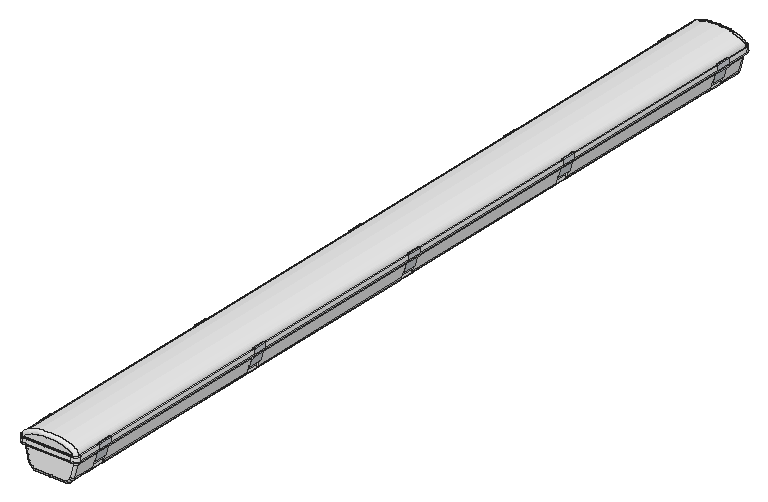
Revit family "0048751 Feilo Sylvania Lighting Fixture SYLPRF SUP LED G3 1500MM T 4K QC MW", category Lighting Fixtures, host Face, Revit 2016
Family settings
  Host = Face
  Part Type = Normal
  Round Connector Dimension = Use Diameter
  OmniClass Number = 23.80.70.11.14
  OmniClass Title = General Luminaries, Directional
  Cut with Voids When Loaded = No
  Light Source = Yes
  Shared = No
  Room Calculation Point = No
Parameters (values of type "0048751 SYLPRF SUP LED G3 1500MM T 4K QC MW")
  Width = 110 mm
  Weight = "2.46 kg"
  Wattage Comments = "n/a"
  Wattage = 47 W
  WarrantyStartDate [instance] = "n/a"
  WarrantyGuarantorParts = "n/a"
  WarrantyDurationUnit = "n/a"
  WarrantyDurationParts = "n/a"
  WarrantyDescription = "n/a"
  built-in parameter 1150110 = 1 (stored number, unit not read)
  Voltage = 230 V
  URL = "http://www.sylvania-lighting.com"
  TypeName = "SYLPRF SUP LED G3 1500MM T 4K QC MW"
  Type Image = <None>
  Type Comments = "n/a"
  built-in parameter 1114217 = 1 (stored number, unit not read)
  Tilt Angle = -90.00°
  built-in parameter 1150109 = 1 (stored number, unit not read)
  built-in parameter 1150134 = 12
  built-in parameter 1150113 = 1 (stored number, unit not read)
  SerialNumber [instance] = "n/a"
  ReflectorMaterial = none
  PowerFactor = 0
  PowerConsumption = "47 W"
  Photometric Web File = "0048751.ies"
  NominalWidth = 0 mm
  NominalLength = 1578 mm
  NominalHeight = 78 mm
  Name = "SYLPRF SUP LED G3 1500MM T 4K QC MW"
  ModelReference = "SYLPRF SUP LED G3 1500MM T 4K QC MW"
  ModelNumber = "0048751"
  Model = "SYLPRF SUP LED G3 1500MM T 4K QC MW"
  Material = "polycarbonate housing, polycarbonate diffuser"
  ManufacturerName = "Feilo Sylvania"
  Manufacturer = "Feilo Sylvania"
  LuminousEfficacy = "145 lm/W"
  built-in parameter 1150105 = 542.32 (stored number, unit not read)
  Lumens = 6815 lm
  LuminaireType = ""
  built-in parameter 1150115 = 1 (stored number, unit not read)
  LightOutputRatio = "n/a"
  built-in parameter 1150137 = (empty or 0)
  built-in parameter 1150139 = (empty or 0)
  Length = 1572 mm
  LampsType = Lamp  # "LED"
  LampNominalLuminous = "6800 lm"
  LampMacAdamStep = "3"
  LampColourTemperature = "4000 K"
  LampColourRenderingIndex = "80"
  built-in parameter 1150112 = 1 (stored number, unit not read)
  built-in parameter 1150114 = 1 (stored number, unit not read)
  Lamp = "LED"
  Keynote = "16500"
  InstallationDate [instance] = "n/a"
  InputVoltage = "220-240V~"
  InputNominalFrequency = "50/60 Hz"
  built-in parameter 1150132 = (empty or 0)
  built-in parameter 1150102 = (empty or 0)
  built-in parameter 1150107 = 4000 (stored number, unit not read)
  built-in parameter 1150138 = (empty or 0)
  IngressProtection = "IP65"
  ImpactProtectionIndex = "IK08"
  built-in parameter 1150106 = 5.4232 (stored number, unit not read)
  IfcExportType = "IfcLightFixtureType"
  IfcExportAs = "IfcLightFixtureType"
  ExpectedLife = 50000
  Emit from Rectangle Width = Width - 20 mm  # 90 mm
  Emit from Rectangle Length = Length - 20 mm  # 1552 mm
  Emit Shape Visible in Rendering = no
  ElectricShockClassification = "Class I"
  built-in parameter 1150104 = 13.471 (stored number, unit not read)
  DurationUnit = "hours"
  DocumentationLiterature = "http://www.sylvania-lighting.com/product/en-int/products/0048751"
  DimmingControlOptions = "Non dimmable"
  Dimming Lamp Color Temperature Shift = <None>
  DiffuserMaterial = Diffuser-Sylvania-Transparent
  Description = "Sylproof Superia, integrated LED weatherproof luminaire with quick connector, with UV stabilized flat diffuser and linear prisms designed to achieve uniform lit appearance, optimise light output and to reduce glare, stainless steel diffuser clips and fixing brackets for surface and wall mounting. L 1578 mm x W 110 mm x H 78 mm size, Polycarbonate housing, Polycarbonate diffuser, Non dimmable,   4000K, CRI80,  6800 lm, 47 W, 145 lm/W, nominal average life (h):50000, energy class: A++ A+ A Class I,IK08, IP65."
  Default Elevation = 1219.2 mm
  CreatedOn = "3/27/2018"
  CreatedBy = "aron.fodor@feilosylvania.com"
  Cost = 0
  Color Filter = 16777215
  built-in parameter 1114216 [instance] = (empty or 0)
  ClassificationValue = "EF_70_80"
  ClassificationName = "Uniclass2015"
  BodyMaterial = Body-Sylvania-Gray
  BarCode [instance] = "n/a"
  built-in parameter 1114218 = 1 (stored number, unit not read)
  built-in parameter 1150133 = 10 (stored number, unit not read)
  AssetType = "Fixed"
  AssetIdentifier [instance] = "n/a"
  Assembly Code = "D5020200"
  Apparent Load = 47 VA
  AccessoryMaterial = Diffuser-Sylvania-Glow
Reference planes
  plane 1 "Center (Front/Back)": y = 0
  plane 2: z = 0
  plane 3 "Center (Left/Right)": x = 0
  plane 4: z = 54
  plane 5: x = -27.7
  plane 6: x = -34.8
  plane 7: x = -39.6
  plane 8: x = -42.2
  plane 9: z = 3
  plane 10: z = 7.8
  plane 11: z = 12.3
  plane 12: z = 36.6
  plane 13: z = 42.8
  plane 14: x = -51.1
  plane 15: z = 46.2
  plane 16: x = -55
  plane 17: y = 786
  plane 18: y = -786
  plane 19: x = 27.7
  plane 20: x = 34.8
  plane 21: x = 39.6
  plane 22: x = 42.2
  plane 23: x = 51.1
  plane 24: x = 55
  plane 25: y = 778.4
  plane 26: y = -778.4
  plane 27: y = -774.7
  plane 28: y = 774.7
  plane 29: z = 74
  plane 30: x = -51.5
  plane 31: x = 51.5
  plane 32: z = 55.2
  plane 33: y = -782.5
  plane 34: y = 782.5
  plane 35: x = -37.5
  plane 36: x = 37.5
  plane 37: x = -48.7
  plane 38: x = 48.7
  plane 39: x = 18
  plane 40: x = -18
  plane 41: z = 50.2
  plane 42: z = 24.6
  plane 43: y = 720
  plane 44: y = 706
  plane 45: y = 734
  plane 46: y = -720
  plane 47: y = 720
  plane 48: y = 706
  plane 49: y = 734
  plane 50: y = -720
  plane 51: y = -734
  plane 52: y = -706
  plane 53: y = 360
  plane 54: y = 346
  plane 55: y = 374
  plane 56: y = 0
  plane 57: y = -14
  plane 58: y = 14
  plane 59: y = -360
  plane 60: y = -374
  plane 61: y = -346
Forms (mm)
  Sweep 1, solid, material "Body-Sylvania-Gray" <- "BodyMaterial", detail levels medium+fine
    path origin (1223.4, -4572, 54) x (0, -1, 0) y (1, 0, 0)
      loop
        arc (-3796, -1278.4) -> (-3788.929, -1275.471) -> (-3786, -1268.4) r 10
        line (-3786, -1268.4) -> (-3786, -1178.4)
        arc (-3786, -1178.4) -> (-3788.929, -1171.329) -> (-3796, -1168.4) r 10
        line (-3796, -1168.4) -> (-5348, -1168.4)
        arc (-5348, -1168.4) -> (-5355.071, -1171.329) -> (-5358, -1178.4) r 10
        line (-5358, -1178.4) -> (-5358, -1268.4)
        arc (-5358, -1268.4) -> (-5355.071, -1275.471) -> (-5348, -1278.4) r 10
        line (-5348, -1278.4) -> (-3796, -1278.4)
    profile origin (-55, 0, 54) x (-1, 0, 0) y (0, 0, 1)
      loop
        line (0, 0) -> (-1, 0) -> (-1, -7.726)
        arc (-1, -7.726) -> (-1.994, -9.498) -> (-3.9, -10.2) r 2.937
        line (-3.9, -10.2) -> (-8.571, -10.2) -> (-8.571, -11.2) -> (-3.9, -11.2)
        arc (-3.9, -11.2) -> (-1.313, -10.231) -> (0, -7.8) r 3.937
        line (0, -7.8) -> (0, 0)
  Sweep 2, solid, material "Body-Sylvania-Gray" <- "BodyMaterial", detail levels medium+fine
    path origin (0, 0, 0) x (1, 0, 0) y (0, 0, 1)
      loop
        line (48.7, 42.8) -> (48.7, 36.6) -> (42.203, 12.31)
        arc (42.203, 12.31) -> (41.199, 9.884) -> (39.6, 7.8) r 10.052
        line (39.6, 7.8) -> (34.8, 3)
        arc (34.8, 3) -> (31.554, 0.781) -> (27.7, 0) r 9.902
        line (27.7, 0) -> (0, 0) -> (-27.7, 0)
        arc (-27.7, 0) -> (-31.554, 0.781) -> (-34.8, 3) r 9.902
        line (-34.8, 3) -> (-39.6, 7.8)
        arc (-39.6, 7.8) -> (-41.199, 9.884) -> (-42.203, 12.31) r 10.052
        line (-42.203, 12.31) -> (-48.7, 36.6) -> (-48.7, 42.8)
    profile origin (0, 0, 0) x (0, 0, -1) y (0, -1, 0)
      loop
        arc (0, 773.4) -> (-1.464, 776.936) -> (-5, 778.4) r 5
        line (-5, 778.4) -> (-7.8, 778.4) -> (-7.8, -778.4) -> (-5, -778.4)
        arc (-5, -778.4) -> (-1.464, -776.936) -> (0, -773.4) r 5
        line (0, -773.4) -> (0, 773.4)
  Extrusion 3, solid, material "Body-Sylvania-Gray" <- "BodyMaterial", detail levels medium+fine
    sketch origin (1524, 778.4, 1219.2) x (1, 0, 0) y (0, 0, 1)
      loop
        arc (-1558.668, -1204.874) -> (-1558.443, -1205.418) -> (-1558.085, -1205.885) r 2.252
        line (-1558.085, -1205.885) -> (-1553.231, -1210.738)
        arc (-1553.231, -1210.738) -> (-1552.534, -1211.227) -> (-1551.7, -1211.4) r 2.102
        line (-1551.7, -1211.4) -> (-1496.3, -1211.4)
        arc (-1496.3, -1211.4) -> (-1495.466, -1211.227) -> (-1494.769, -1210.738) r 2.102
        line (-1494.769, -1210.738) -> (-1489.915, -1205.885)
        arc (-1489.915, -1205.885) -> (-1489.557, -1205.418) -> (-1489.332, -1204.874) r 2.252
        line (-1489.332, -1204.874) -> (-1483.1, -1181.575) -> (-1483.1, -1176.4) -> (-1564.9, -1176.4) -> (-1564.9, -1181.575) -> (-1558.668, -1204.874)
    from 0 to 1556.8
  Sweep 4, solid, material "Diffuser-Sylvania-Transparent" <- "DiffuserMaterial", detail levels medium+fine
    path origin (0, 0, 0) x (1, 0, 0) y (0, 0, 1)
      loop
        spline (-51.5, 55.2) -> (-49.745, 60.066) -> (-44.6, 64.6) -> (-36.416, 68.494) -> (-25.75, 71.481) -> (-13.329, 73.359) -> (0, 74) -> (13.329, 73.359) -> (25.75, 71.481) -> (36.416, 68.494) -> (44.6, 64.6) -> (49.745, 60.066) -> (51.5, 55.2)
    profile origin (51.5, 0, 55.2) x (0, -1, 0) y (1, 0, 0)
      loop
        arc (782.5, -5.5) -> (780.889, -1.611) -> (777, 0) r 5.5
        line (777, 0) -> (-777, 0)
        arc (-777, 0) -> (-780.889, -1.611) -> (-782.5, -5.5) r 5.5
        line (-782.5, -5.5) -> (-782.5, -6.3) -> (-781.5, -6.3) -> (-781.5, -5.5)
        arc (-781.5, -5.5) -> (-780.182, -2.318) -> (-777, -1) r 4.5
        line (-777, -1) -> (777, -1)
        arc (777, -1) -> (780.182, -2.318) -> (781.5, -5.5) r 4.5
        line (781.5, -5.5) -> (781.5, -6.347) -> (782.5, -6.347) -> (782.5, -5.5)
  Extrusion 5, solid, material "Diffuser-Sylvania-Transparent" <- "DiffuserMaterial", detail levels medium+fine
    sketch origin (1524, -782.5, 1219.2) x (1, 0, 0) y (0, 0, 1)
      loop
        line (-1569.653, -1164) -> (-1478.347, -1164)
        spline (-1478.347, -1164) -> (-1478.969, -1162.594) -> (-1482.527, -1159.545) -> (-1489.588, -1156.201) -> (-1499.458, -1153.445) -> (-1511.242, -1151.663) -> (-1524, -1151.049) -> (-1536.758, -1151.663) -> (-1548.542, -1153.445) -> (-1558.412, -1156.201) -> (-1565.473, -1159.545) -> (-1569.031, -1162.594) -> (-1569.653, -1164)
    from 0 to -1
  Extrusion 6, solid, material "Diffuser-Sylvania-Transparent" <- "DiffuserMaterial", detail levels medium+fine
    sketch origin (1524, 782.5, 1219.2) x (1, 0, 0) y (0, 0, 1)
      loop
        spline (-1478.3, -1164) -> (-1478.931, -1162.565) -> (-1482.502, -1159.505) -> (-1489.572, -1156.155) -> (-1499.446, -1153.394) -> (-1511.236, -1151.614) -> (-1524, -1151.007) -> (-1536.764, -1151.614) -> (-1548.554, -1153.394) -> (-1558.428, -1156.155) -> (-1565.498, -1159.505) -> (-1569.069, -1162.565) -> (-1569.7, -1164)
        line (-1569.7, -1164) -> (-1478.3, -1164)
    from 0 to 1
  Extrusion 7, solid, material "Diffuser-Sylvania-Transparent" <- "DiffuserMaterial", detail levels medium+fine
    sketch origin (1223.4, -4572, 55.2) x (0, -1, 0) y (-1, 0, 0)
      loop
        arc (-5353.5, 1177.4) -> (-5352.182, 1174.218) -> (-5349, 1172.9) r 4.5
        line (-5349, 1172.9) -> (-3795, 1172.9)
        arc (-3795, 1172.9) -> (-3791.818, 1174.218) -> (-3790.5, 1177.4) r 4.5
        line (-3790.5, 1177.4) -> (-3790.5, 1269.4)
        arc (-3790.5, 1269.4) -> (-3791.818, 1272.582) -> (-3795, 1273.9) r 4.5
        line (-3795, 1273.9) -> (-5349, 1273.9)
        arc (-5349, 1273.9) -> (-5352.182, 1272.582) -> (-5353.5, 1269.4) r 4.5
        line (-5353.5, 1269.4) -> (-5353.5, 1177.4)
      loop
        line (-5358, 1268.4) -> (-5358, 1178.4)
        arc (-5358, 1178.4) -> (-5355.071, 1171.329) -> (-5348, 1168.4) r 10
        line (-5348, 1168.4) -> (-3796, 1168.4)
        arc (-3796, 1168.4) -> (-3788.929, 1171.329) -> (-3786, 1178.4) r 10
        line (-3786, 1178.4) -> (-3786, 1268.4)
        arc (-3786, 1268.4) -> (-3788.929, 1275.471) -> (-3796, 1278.4) r 10
        line (-3796, 1278.4) -> (-5348, 1278.4)
        arc (-5348, 1278.4) -> (-5355.071, 1275.471) -> (-5358, 1268.4) r 10
    from 0 to 1.2
  Extrusion 8, solid, material "Diffuser-Sylvania-Glow" <- "AccessoryMaterial", detail levels fine
    sketch origin (0, 0, 0) x (1, 0, 0) y (0, 0, 1)
      loop
        circle (-18, 50.2) r 8
      loop
        circle (18, 50.2) r 8
    from -774.7 to 774.7
  Extrusion 9, void
    sketch origin (0, 720, 2343.807) x (0, 0, -1) y (-1, 0, 0)
      loop
        line (2340.807, -37.5) -> (2331.507, -37.5) -> (2319.207, -42.2) -> (2319.207, -48.7) -> (2340.807, -48.7) -> (2340.807, -37.5)
      loop
        line (2340.807, 37.5) -> (2340.807, 48.7) -> (2319.207, 48.7) -> (2319.207, 42.2) -> (2331.507, 37.5) -> (2340.807, 37.5)
    from -14 to 14
  Extrusion 10, solid, material "Body-Sylvania-Gray" <- "BodyMaterial", detail levels coarse
    sketch origin (0, 0, 0) x (1, 0, 0) y (0, 0, 1)
      loop
        line (55, 42.8) -> (55, 55.2) -> (-55, 55.2) -> (-55, 42.791) -> (-42.2, 0) -> (42.2, 0) -> (55, 42.8)
    from -786 to 786
  Extrusion 11, solid, material "Diffuser-Sylvania-Transparent" <- "DiffuserMaterial", detail levels coarse
    sketch origin (0, 0, 0) x (1, 0, 0) y (0, 0, 1)
      loop
        arc (51.5, 55.2) -> (0, 74) -> (-51.5, 55.2) r 79.939
        line (-51.5, 55.2) -> (51.5, 55.2)
    from 778.4 to -778.4
  Extrusion 12, void, not visible
    sketch origin (0, 720, 2343.807) x (0, 0, -1) y (-1, 0, 0)
      loop
        line (2340.807, -37.5) -> (2331.507, -37.5) -> (2319.207, -42.2) -> (2319.207, -48.7) -> (2340.807, -48.7) -> (2340.807, -37.5)
      loop
        line (2340.807, 37.5) -> (2340.807, 48.7) -> (2319.207, 48.7) -> (2319.207, 42.2) -> (2331.507, 37.5) -> (2340.807, 37.5)
    from -14 to 14
  Extrusion 13, void
    sketch origin (0, -720, 2343.807) x (0, 0, -1) y (-1, 0, 0)
      loop
        line (2340.807, -37.5) -> (2331.507, -37.5) -> (2319.207, -42.2) -> (2319.207, -48.7) -> (2340.807, -48.7) -> (2340.807, -37.5)
      loop
        line (2340.807, 37.5) -> (2340.807, 48.7) -> (2319.207, 48.7) -> (2319.207, 42.2) -> (2331.507, 37.5) -> (2340.807, 37.5)
    from -14 to 14
  Extrusion 14, void
    sketch origin (0, 360, 2343.807) x (0, 0, -1) y (-1, 0, 0)
      loop
        line (2340.807, -37.5) -> (2331.507, -37.5) -> (2319.207, -42.2) -> (2319.207, -48.7) -> (2340.807, -48.7) -> (2340.807, -37.5)
      loop
        line (2340.807, 37.5) -> (2340.807, 48.7) -> (2319.207, 48.7) -> (2319.207, 42.2) -> (2331.507, 37.5) -> (2340.807, 37.5)
    from -14 to 14
  Extrusion 15, void
    sketch origin (0, 0, 2343.807) x (0, 0, -1) y (-1, 0, 0)
      loop
        line (2340.807, -37.5) -> (2331.507, -37.5) -> (2319.207, -42.2) -> (2319.207, -48.7) -> (2340.807, -48.7) -> (2340.807, -37.5)
      loop
        line (2340.807, 37.5) -> (2340.807, 48.7) -> (2319.207, 48.7) -> (2319.207, 42.2) -> (2331.507, 37.5) -> (2340.807, 37.5)
    from -14 to 14
  Extrusion 16, void
    sketch origin (0, -360, 2343.807) x (0, 0, -1) y (-1, 0, 0)
      loop
        line (2340.807, -37.5) -> (2331.507, -37.5) -> (2319.207, -42.2) -> (2319.207, -48.7) -> (2340.807, -48.7) -> (2340.807, -37.5)
      loop
        line (2340.807, 37.5) -> (2340.807, 48.7) -> (2319.207, 48.7) -> (2319.207, 42.2) -> (2331.507, 37.5) -> (2340.807, 37.5)
    from -14 to 14
Cuts and joins
  Extrusion 9, Extrusion 13, Extrusion 14, Extrusion 15, Extrusion 16 cuts Sweep 2
  Extrusion 13, Extrusion 14, Extrusion 15, Extrusion 16 cuts Extrusion 3
  joined: Sweep 2, Extrusion 3
  joined: Sweep 4, Extrusion 5, Extrusion 6
Dimensions and locks
  locked: plane 4 to plane 2 at 54
  plane 5 to plane 6 to plane 7 to plane 8 to plane 14 to plane 16 = 7.1 mm locked, 4.8 mm locked, 2.6 mm locked, 8.9 mm, 3.9 mm
  plane 4 to plane 15 to plane 13 to plane 12 to plane 11 to plane 10 to plane 9 = 7.8 mm locked, 3.4 mm, 6.2 mm locked, 24.3 mm locked, 4.5 mm locked, 4.8 mm locked
  equal spacing: plane 18, plane 1 "Center (Front/Back)", plane 17
  "Length": plane 18 to plane 17
  plane 19 to plane 20 to plane 21 to plane 22 to plane 23 to plane 24 = 7.1 mm locked, 4.8 mm locked, 2.6 mm locked, 8.9 mm, 3.9 mm
  equal spacing: plane 24, plane 3 "Center (Left/Right)", plane 16
  "Width": plane 24 to plane 16
  equal spacing: plane 27, plane 1 "Center (Front/Back)", plane 28
  locked: plane 26 to plane 27 at 3.7
  locked: Sweep 1 sketch curve to profile plane at 1
  locked: Sweep 1 sketch curve to plane 13 at 1
  locked: Sweep 1 sketch curve to plane 13 at 3.937  (x2)
  locked: Sweep 1 sketch curve to profile plane at 3.9  (x2)
  locked: plane 29 to plane 4 at 20
  equal spacing: plane 31, plane 3 "Center (Left/Right)", plane 30
  locked: plane 30 to plane 16 at 3.5
  locked: plane 32 to plane 4 at 1.2
  equal spacing: plane 33, plane 1 "Center (Front/Back)", plane 34
  equal spacing: plane 36, plane 3 "Center (Left/Right)", plane 35
  locked: plane 3 "Center (Left/Right)" to plane 35 at 37.5
  locked: plane 34 to plane 17 at 3.5
  equal spacing: plane 38, plane 3 "Center (Left/Right)", plane 37
  locked: plane 37 to plane 16 at 6.3
  equal spacing: plane 25, plane 1 "Center (Front/Back)", plane 26
  locked: plane 17 to plane 25 at 7.6
  locked: Sweep 2 sketch curve to plane 2 at 5  (x2)
  locked: Sweep 2 sketch curve to plane 26 at 5
  locked: plane 25 to Sweep 2 sketch curve at 5
  locked: Sweep 4 sketch curve to plane 31 at 5.5  (x2)
  locked: Sweep 4 sketch curve to plane 34 at 5.5
  plane 33 to Sweep 4 sketch curve = 5.5 mm
  locked: plane 34 to Sweep 4 sketch curve at 1
  locked: Sweep 4 sketch curve to plane 31 at 1
  locked: Sweep 4 sketch curve to Sweep 4 sketch curve at 1
  locked: Sweep 4 sketch curve to plane 31 at 6.347
  locked: Sweep 4 sketch curve to plane 31 at 6.3
  equal spacing: plane 39, plane 3 "Center (Left/Right)", plane 40
  locked: plane 3 "Center (Left/Right)" to plane 40 at 18
  locked: plane 42 to plane 2 at 24.6
  plane 45 to plane 43 to plane 44 = 14 mm locked, 14 mm locked
  locked: plane 17 to plane 43 at 66
  equal spacing: plane 43, plane 1 "Center (Front/Back)", plane 46
  plane 49 to plane 47 to plane 48 = 14 mm locked, 14 mm locked
  plane 52 to plane 50 to plane 51 = 14 mm locked, 14 mm locked  (x2)
  equal spacing: group 1, group 6, group 7, group 8, group 5  (x2)
  equal spacing: group 5, group 8, group 7, group 6, group 1
  plane 55 to plane 53 to plane 54 = 14 mm locked, 14 mm locked  (x2)
  plane 58 to plane 56 to plane 57 = 14 mm locked, 14 mm locked  (x2)
  plane 61 to plane 59 to plane 60 = 14 mm locked, 14 mm locked  (x2)
  plane 43 to plane 53 to plane 1 "Center (Front/Back)" to plane 59 to plane 50 = 360 mm locked, 360 mm locked, 360 mm locked, 360 mm locked
  aligned and locked: plane 2 to host face
  aligned and locked: level to host face
  aligned and locked: plane 16 to Sweep 1 sketch curve
  aligned and locked: Sweep 1 sketch curve to plane 24
  aligned and locked: plane 18 to Sweep 1 sketch curve
  aligned and locked: Sweep 1 sketch curve to plane 13
  aligned and locked: profile plane to Sweep 1 sketch curve
  aligned and locked: plane 3 "Center (Left/Right)" to Sweep 2 sketch curve
  aligned and locked: plane 9 to Sweep 2 sketch curve
  aligned and locked: plane 10 to Sweep 2 sketch curve
  aligned and locked: plane 37 to Sweep 2 sketch curve
  aligned and locked: plane 12 to Sweep 2 sketch curve
  aligned and locked: Sweep 2 sketch curve to level
  aligned and locked: plane 21 to Sweep 2 sketch curve
  aligned and locked: plane 38 to Sweep 2 sketch curve
  aligned and locked: profile plane to Sweep 2 sketch curve
  aligned and locked: plane 25 to Sweep 2 sketch curve
  aligned and locked: Sweep 2 sketch curve to plane 10
  aligned and locked: Extrusion 3 sketch curve to Sweep 2  (x7)
  aligned and locked: Sweep 2 to Extrusion 3 sketch curve
  aligned and locked: Extrusion 3 to plane 25
  aligned and locked: plane 26 to Extrusion 3
  aligned and locked: plane 32 to Sweep 4 sketch curve
  aligned and locked: plane 33 to Sweep 4 sketch curve
  aligned and locked: Sweep 4 to Extrusion 5
  aligned and locked: plane 33 to Extrusion 5
  aligned and locked: Extrusion 5 sketch curve to Sweep 4
  aligned and locked: cut or joined group of Sweep 4, Extrusion 5, Extrusion 6 to Extrusion 6 sketch curve
  aligned and locked: Extrusion 7 sketch curve to cut or joined group of Sweep 4, Extrusion 5, Extrusion 6  (x2)
  aligned and locked: cut or joined group of Sweep 4, Extrusion 5, Extrusion 6 to Extrusion 7 sketch curve  (x2)
  aligned and locked: plane 41 to Extrusion 8 sketch curve  (x2)
  aligned and locked: plane 39 to Extrusion 8 sketch curve
  aligned and locked: plane 27 to Extrusion 8
  aligned and locked: Extrusion 8 to plane 28
  aligned and locked: Extrusion 9 to plane 42
  aligned and locked: plane 9 to Extrusion 9
  aligned and locked: plane 44 to Extrusion 9
  aligned and locked: Extrusion 9 to plane 45
  aligned and locked: Extrusion 7 sketch curve to Sweep 1  (x4)
  aligned and locked: plane 4 to Extrusion 7
  aligned and locked: Extrusion 7 to plane 32
  aligned and locked: nested 2 to plane 43
  aligned and locked: plane 43 to nested 1
  aligned and locked: Extrusion 10 sketch curve to plane 24
  aligned and locked: Extrusion 10 sketch curve to Extrusion 7
  aligned and locked: plane 8 to Extrusion 10 sketch curve
  aligned and locked: plane 22 to Extrusion 10 sketch curve
  aligned and locked: level to Extrusion 10 sketch curve
  aligned and locked: Extrusion 10 to plane 17
  aligned and locked: plane 18 to Extrusion 10
  aligned and locked: cut or joined group of Sweep 4, Extrusion 5, Extrusion 6 to Extrusion 11 sketch curve
  aligned and locked: Extrusion 11 sketch curve to cut or joined group of Sweep 4, Extrusion 5, Extrusion 6  (x2)
  aligned and locked: plane 31 to Extrusion 11 sketch curve
  aligned and locked: plane 30 to Extrusion 11 sketch curve
  aligned and locked: plane 26 to Extrusion 11
  aligned and locked: Extrusion 11 to plane 25
  aligned and locked: imposter light to plane 29
  aligned and locked: plane 3 "Center (Left/Right)" to imposter light
  aligned and locked: plane 1 "Center (Front/Back)" to imposter light
  aligned and locked: plane 51 to Extrusion 13
  aligned and locked: Extrusion 13 to plane 52
  aligned and locked: plane 54 to Extrusion 14
  aligned and locked: Extrusion 14 to plane 55
  aligned and locked: plane 57 to Extrusion 15
  aligned and locked: Extrusion 15 to plane 58
  aligned and locked: plane 60 to Extrusion 16
  aligned and locked: Extrusion 16 to plane 61
  aligned and locked: nested 3 to plane 53
  aligned and locked: plane 53 to nested 10
  aligned and locked: nested 4 to plane 56
  aligned and locked: plane 56 to nested 9
  aligned and locked: nested 5 to plane 59
  aligned and locked: plane 59 to nested 8
  aligned and locked: nested 6 to plane 50
  aligned and locked: plane 50 to nested 7
Automatic sketch dimensions
  host sketch curve to host sketch curve = 2438.4 mm  (x2)
  plane 17 to Sweep 1 sketch curve = 0 mm
  Sweep 1 sketch curve to plane 28 = 1.3 mm
  Sweep 1 sketch curve to plane 7 = 5.4 mm
  plane 27 to Sweep 1 sketch curve = 1.3 mm  (x2)
  Sweep 1 sketch curve to Sweep 1 sketch curve = 4.671 mm
  Sweep 1 sketch curve to plane 4 = 0 mm
  Sweep 2 sketch curve to plane 7 = 0 mm
  Sweep 2 sketch curve to plane 6 = 0 mm
  Sweep 2 sketch curve to plane 5 = 0 mm
  plane 19 to Sweep 2 sketch curve = 0 mm
  Sweep 2 sketch curve to plane 9 = 0 mm
  plane 20 to Sweep 2 sketch curve = 0 mm
  Sweep 2 sketch curve to plane 12 = 0 mm
  Sweep 2 sketch curve to plane 10 = 0 mm
  Sweep 2 sketch curve to plane 13 = 0 mm  (x2)
  Sweep 2 sketch curve to plane 8 = 0.003 mm
  plane 6 to Sweep 2 sketch curve = 2.308 mm
  plane 20 to Sweep 2 sketch curve = 2.308 mm
  Sweep 2 sketch curve to plane 22 = 0.003 mm
  Sweep 2 sketch curve to plane 11 = 0.01 mm  (x2)
  Extrusion 3 sketch curve to plane 5 = 0 mm
  plane 19 to Extrusion 3 sketch curve = 0 mm
  plane 6 to Extrusion 3 sketch curve = 0.132 mm
  plane 6 to Extrusion 3 sketch curve = 0.715 mm
  Extrusion 3 sketch curve to Extrusion 3 sketch curve = 1.592 mm
  Extrusion 3 sketch curve to plane 10 = 0.662 mm  (x2)
  plane 20 to Extrusion 3 sketch curve = 2.308 mm
  plane 20 to Extrusion 3 sketch curve = 0.715 mm
  plane 20 to Extrusion 3 sketch curve = 0.132 mm
  Sweep 4 sketch curve to plane 30 = 0 mm
  Sweep 4 sketch curve to plane 3 "Center (Left/Right)" = 0 mm
  Sweep 4 sketch curve to Sweep 4 sketch curve = 0 mm  (x2)
  plane 37 to Extrusion 5 sketch curve = 3.047 mm
  Extrusion 5 sketch curve to plane 38 = 3.047 mm
  plane 37 to Extrusion 6 sketch curve = 3 mm
  Extrusion 6 sketch curve to plane 38 = 3 mm
  plane 25 to Extrusion 7 sketch curve = 1.4 mm  (x2)
  Extrusion 7 sketch curve to plane 26 = 1.4 mm  (x2)
  Extrusion 8 sketch curve to plane 40 = 0 mm
  Extrusion 9 sketch curve to Extrusion 9 sketch curve = 0 mm
  Extrusion 9 sketch curve to Extrusion 9 sketch curve = 12.3 mm  (x2)
  Extrusion 9 sketch curve to Extrusion 9 sketch curve = 9.3 mm  (x2)
  Extrusion 9 sketch curve to Extrusion 9 sketch curve = 6.5 mm
  Extrusion 9 sketch curve to Extrusion 9 sketch curve = 4.7 mm  (x2)
  Extrusion 9 sketch curve to Extrusion 9 sketch curve = 75 mm
  Extrusion 9 sketch curve to Extrusion 9 sketch curve = 11.2 mm
  Extrusion 10 sketch curve to plane 13 = 0 mm
  plane 13 to Extrusion 10 sketch curve = 0.009 mm
  Extrusion 11 sketch curve to level = 5.939 mm
  Extrusion 10 sketch curve to plane 16 = 0 mm
  Extrusion 12 sketch curve to Extrusion 12 sketch curve = 0 mm
  Extrusion 12 sketch curve to Extrusion 12 sketch curve = 12.3 mm  (x2)
  Extrusion 12 sketch curve to Extrusion 12 sketch curve = 9.3 mm  (x2)
  Extrusion 12 sketch curve to Extrusion 12 sketch curve = 6.5 mm
  Extrusion 12 sketch curve to Extrusion 12 sketch curve = 4.7 mm  (x2)
  Extrusion 12 sketch curve to Extrusion 12 sketch curve = 75 mm
  Extrusion 12 sketch curve to Extrusion 12 sketch curve = 11.2 mm
  Extrusion 13 sketch curve to Extrusion 13 sketch curve = 0 mm
  Extrusion 13 sketch curve to Extrusion 13 sketch curve = 12.3 mm  (x2)
  Extrusion 13 sketch curve to Extrusion 13 sketch curve = 9.3 mm  (x2)
  Extrusion 13 sketch curve to Extrusion 13 sketch curve = 6.5 mm
  Extrusion 13 sketch curve to Extrusion 13 sketch curve = 4.7 mm  (x2)
  Extrusion 13 sketch curve to Extrusion 13 sketch curve = 75 mm
  Extrusion 13 sketch curve to Extrusion 13 sketch curve = 11.2 mm
  Extrusion 14 sketch curve to Extrusion 14 sketch curve = 0 mm
  Extrusion 14 sketch curve to Extrusion 14 sketch curve = 12.3 mm  (x2)
  Extrusion 14 sketch curve to Extrusion 14 sketch curve = 9.3 mm  (x2)
  Extrusion 14 sketch curve to Extrusion 14 sketch curve = 6.5 mm
  Extrusion 14 sketch curve to Extrusion 14 sketch curve = 4.7 mm  (x2)
  Extrusion 14 sketch curve to Extrusion 14 sketch curve = 75 mm
  Extrusion 14 sketch curve to Extrusion 14 sketch curve = 11.2 mm
  Extrusion 15 sketch curve to Extrusion 15 sketch curve = 0 mm
  Extrusion 15 sketch curve to Extrusion 15 sketch curve = 12.3 mm  (x2)
  Extrusion 15 sketch curve to Extrusion 15 sketch curve = 9.3 mm  (x2)
  Extrusion 15 sketch curve to Extrusion 15 sketch curve = 6.5 mm
  Extrusion 15 sketch curve to Extrusion 15 sketch curve = 4.7 mm  (x2)
  Extrusion 15 sketch curve to Extrusion 15 sketch curve = 75 mm
  Extrusion 15 sketch curve to Extrusion 15 sketch curve = 11.2 mm
  Extrusion 16 sketch curve to Extrusion 16 sketch curve = 0 mm
  Extrusion 16 sketch curve to Extrusion 16 sketch curve = 12.3 mm  (x2)
  Extrusion 16 sketch curve to Extrusion 16 sketch curve = 9.3 mm  (x2)
  Extrusion 16 sketch curve to Extrusion 16 sketch curve = 6.5 mm
  Extrusion 16 sketch curve to Extrusion 16 sketch curve = 4.7 mm  (x2)
  Extrusion 16 sketch curve to Extrusion 16 sketch curve = 75 mm
  Extrusion 16 sketch curve to Extrusion 16 sketch curve = 11.2 mm
  radius of Extrusion 8 sketch curve = 8 mm  (x2)
Nested families
  nested 1: "Clip" at (42.2, 720, 24.6), type "Clip", detail levels fine
  nested 2: "Clip" at (-42.2, 720, 24.6) x (-1, 0, 0) z (0, 0, 1), type "Clip", detail levels fine
  nested 3: "Clip" at (-42.2, 360, 24.6) x (-1, 0, 0) z (0, 0, 1), type "Clip", detail levels fine
  nested 4: "Clip" at (-42.2, 0, 24.6) x (-1, 0, 0) z (0, 0, 1), type "Clip", detail levels fine
  nested 5: "Clip" at (-42.2, -360, 24.6) x (-1, 0, 0) z (0, 0, 1), type "Clip", detail levels fine
  nested 6: "Clip" at (-42.2, -720, 24.6) x (-1, 0, 0) z (0, 0, 1), type "Clip", detail levels fine
  nested 7: "Clip" at (42.2, -720, 24.6), type "Clip", detail levels fine
  nested 8: "Clip" at (42.2, -360, 24.6), type "Clip", detail levels fine
  nested 9: "Clip" at (42.2, 0, 24.6), type "Clip", detail levels fine
  nested 10: "Clip" at (42.2, 360, 24.6), type "Clip", detail levels fine
Connectors
  electrical at (0, 0, 0), driven by "Apparent Load"
    settings: index 1, voltage 230 V, apparent load 47 VA, apparent load phase1 0 VA, apparent load phase2 0 VA, apparent load phase3 0 VA, power factor 0, load classification "Lighting", number of poles 1, system type 30, power factor state 1, is connector primary yes, connector utility no, sub classification motor no, connector description ""
Definition of nested family "Clip"
  Parameters (values of type "Clip")
    URL = "http://www.feilosylvania.com"
    Type Comments = "n/a"
    Model = "n/a"
    Manufacturer = "Feilo Sylvania"
    Keynote = "n/a"
    Description = "n/a"
    Default Elevation = 1219.2 mm
    Cost = 0
    BodyMaterial = none
    Assembly Code = "n/a"
  Reference planes
    plane 1 "Center (Front/Back)": y = 0
    plane 2: z = 0
    plane 3 "Center (Left/Right)": x = 0
    plane 4: x = 3.3
    plane 5: x = 6.5
    plane 6: x = 8.9
    plane 7: x = 12.8
    plane 8: z = 12
    plane 9: z = 18.2
    plane 10: z = 21.6
    plane 11: z = 30.6
    plane 12: x = 9.3
    plane 13: z = 19.2
    plane 14: z = 16.2
    plane 15: x = 10.1
    plane 16: y = 12
    plane 17: y = -12
  Forms (mm)
    Extrusion 1, solid
      sketch origin (-0.8, 0, 0) x (1, 0, 0) y (0, 1, 0)
        loop
          line (-1219.2, 1219.2) -> (-1219.2, -1219.2) -> (1219.2, -1219.2) -> (1219.2, 1219.2) -> (-1219.2, 1219.2)
      from 0 to -304.8
    Extrusion 2, solid
      sketch origin (0, 0, 0) x (1, 0, 0) y (0, 0, 1)
        loop
          line (8.9, 16.2) -> (4.58, 0) -> (0, 0) -> (0, -0.8) -> (5.195, -0.8) -> (9.603, 15.731) -> (13.6, 18.806) -> (13.6, 30.6)
          arc (13.6, 30.6) -> (11.45, 32.75) -> (9.3, 30.6) r 2.15
          line (9.3, 30.6) -> (10.1, 30.6)
          arc (10.1, 30.6) -> (11.45, 31.95) -> (12.8, 30.6) r 1.35
          line (12.8, 30.6) -> (12.8, 19.2) -> (8.9, 16.2)
      from -12 to 12
  Lines and regions (mm)
    reference lines
      curve 1: line (3.3, 0, 0) -> (6.5, 0, 12)
      curve 2: arc (8.9, 0, 18.2) -> (11.488, 0, 19.169) -> (12.8, 0, 21.6) r 3.934
  Dimensions and locks
    plane 7 to plane 6 to plane 5 to plane 4 to plane 3 "Center (Left/Right)" = 3.9 mm locked, 2.4 mm locked, 3.2 mm locked, 3.3 mm locked
    plane 11 to plane 10 to plane 9 to plane 8 to plane 2 = 9 mm locked, 3.4 mm locked, 6.2 mm locked, 12 mm locked
    locked: plane 7 to plane 12 at 3.5
    locked: plane 13 to plane 9 at 1
    locked: plane 9 to plane 14 at 2
    locked: plane 15 to plane 12 at 0.8
    locked: plane 2 to Extrusion 2 sketch curve at 0.8
    locked: Extrusion 2 sketch curve to Extrusion 2 sketch curve at 0.8  (x3)
    locked: plane 7 to Extrusion 2 sketch curve at 1.35
    equal spacing: plane 17, plane 1 "Center (Front/Back)", plane 16
    locked: plane 1 "Center (Front/Back)" to plane 16 at 12
    aligned and locked: plane 2 to Extrusion 1
    aligned and locked: level to Extrusion 1
    aligned and locked: plane 4 to curve 1
    aligned and locked: plane 5 to curve 1
    aligned and locked: plane 6 to curve 2
    aligned and locked: plane 10 to curve 2
    aligned and locked: plane 14 to Extrusion 2 sketch curve
    aligned and locked: plane 13 to Extrusion 2 sketch curve
    aligned and locked: plane 7 to Extrusion 2 sketch curve
    aligned and locked: plane 3 "Center (Left/Right)" to Extrusion 2 sketch curve
    aligned and locked: Extrusion 2 sketch curve to level
    aligned and locked: Extrusion 2 sketch curve to plane 11
    aligned and locked: plane 11 to Extrusion 2 sketch curve
    aligned and locked: Extrusion 2 to plane 16
    aligned and locked: plane 17 to Extrusion 2
  Automatic sketch dimensions
    Extrusion 1 sketch curve to Extrusion 1 sketch curve = 2438.4 mm  (x2)
    curve 2 to plane 7 = 0 mm
    curve 1 to level = 0 mm
    curve 1 to plane 8 = 0 mm
    curve 2 to plane 9 = 0 mm
    plane 6 to curve 2 = 0.002 mm
    Extrusion 2 sketch curve to Extrusion 2 sketch curve = 0 mm
    Extrusion 2 sketch curve to plane 6 = 0 mm
    plane 4 to Extrusion 2 sketch curve = 1.28 mm
